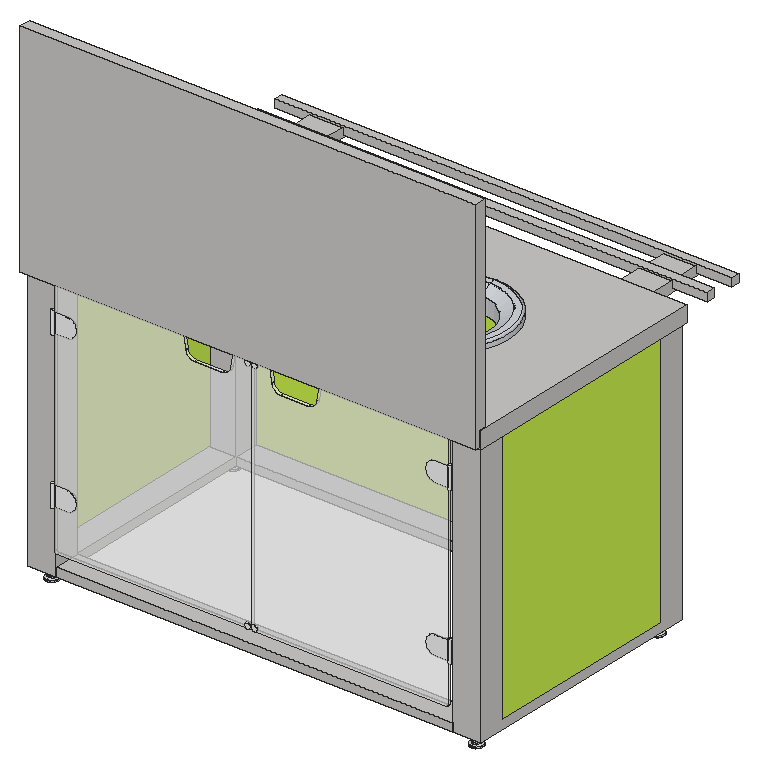
Revit family "QF_BOURGEAT_HARMONIE_2TVO_Modèles_hauteur_rabaisée_primaire", category Equipement spécialisé, Revit 2015
Parameters (values of type "Modèle sur pieds - portes arrière")
  Vert = Vert
  URL catalogue = "http://www.bourgeat.fr"
  Type article = ""
  Spécification du Fabricant = "Table de tri harmonie"
  Sans rampe sup [instance] = not([Rampe des 2 cotés (REF 858232)])  # yes
  Roulettes = no
  Rampe des 2 cotés (REF 858232) [instance] = no
  Profondeur hors tout = 761 mm
  Portes avant = no
  Portes arrière = yes
  Poids net à vide = 55.00 kg
  Pieds = yes
  Panneau avant = yes
  Panneau arrière = no
  Longueur hors tout = 1061 mm
  Inox = Acier inoxydable, poli
  URL = ""
  Modèle = "859212"
  Hauteur porte = 563 mm
  Hauteur plan de travail = 680 mm
  Hauteur hors tout = 1007 mm
  Fabricant = "BOURGEAT"
  Décalage du sol = 27 mm
  Description = ""
  Contact SAV = "0033(0)4.76.32.14.44"
  Type Comments = ""
Types (3, lengths in mm): name | Portes avant | Portes arrière | Panneau avant | Panneau arrière | Modèle
  Modèle sur pieds - sans portes | no | no | no | yes | "859202"
  Modèle sur pieds - portes arrière | no | yes | yes | no | "859212"
  Modèle sur pieds - portes avant | yes | no | no | yes | "859222"
Reference planes
  plane 1 "Centre (avant/arrière)": y = 0
  plane 2: z = 0
  plane 3 "Centre (gauche/droite)": x = 0
  plane 4: y = 760.8
  plane 5 "plan de tavail": z = 680
  plane 6: x = -1061
  plane 7: y = 12.163
  plane 8: y = 610.8
  plane 9: y = 310.8
  plane 10: x = -748
  plane 11: x = -313
  plane 12: x = -530.5
  plane 13: y = 399.3
  plane 14: y = 222.3
  plane 15: z = 1156.6
  plane 16: z = 27
  plane 17: z = 47
  plane 18: x = -37.607
  plane 19: y = 49.657
  plane 20: z = 79.5
  plane 21: z = 1163.8
  plane 22: y = -139.2
Forms (mm)
  Extrusion 1, solid, material "Acier inoxydable, poli" <- "Inox"
    sketch origin (0, 0, 680) x (0, 1, 0) y (-1, 0, 0)
      loop
        line (610.8, 1061) -> (12.163, 1061) -> (12.163, 0) -> (610.8, 0) -> (610.8, 1061)
      loop
        circle (310.8, 748) r 134
      loop
        circle (310.8, 313) r 134
    from 0 to -37.5
  Revolve 2, solid
    sketch origin (-313, 0, 0) x (0, 1, 0) y (0, 0, 1)
      loop
        line (404.3, 642.5) -> (444.8, 642.5) -> (444.8, 665.058) -> (449.8, 665.058) -> (449.8, 690)
        arc (449.8, 690) -> (448.336, 693.536) -> (444.8, 695) r 5
        line (444.8, 695) -> (430.281, 695) -> (404.3, 680) -> (404.3, 642.5)
      axis (310.8, 695) -> (310.8, 642.5)
    angle from 0 to 360
  Revolve 3, solid
    sketch origin (-748, 0, 0) x (0, 1, 0) y (0, 0, -1)
      loop
        line (404.3, -642.5) -> (404.3, -680) -> (430.281, -695) -> (444.8, -695)
        arc (444.8, -695) -> (448.336, -693.536) -> (449.8, -690) r 5
        line (449.8, -690) -> (449.8, -665.058) -> (444.8, -665.058) -> (444.8, -642.5) -> (404.3, -642.5)
      axis (310.8, -695) -> (310.8, -642.5)
    angle from 0 to 360
  Extrusion 4, solid, material "Acier inoxydable, poli" <- "Inox"
    sketch origin (0, 0, 0) x (0, 1, 0) y (0, 0, 1)
      loop
        line (760.8, 660) -> (760.8, 680) -> (740.8, 680) -> (740.8, 660) -> (760.8, 660)
      loop
        line (690.75, 660) -> (690.75, 680) -> (670.75, 680) -> (670.75, 660) -> (690.75, 660)
    from -1060 to 0
  Extrusion 5, solid, material "Acier inoxydable, poli" <- "Inox"
    sketch origin (0, 0, 0) x (0, 1, 0) y (0, 0, 1)
      loop
        line (602.75, 642.5) -> (541.136, 642.5) -> (541.136, 47) -> (80.464, 47) -> (80.464, 642.5) -> (18.85, 642.5) -> (18.85, 27) -> (602.75, 27) -> (602.75, 642.5)
    from -69.914 to -5.3
  Extrusion 6, solid, material "Vert" <- "Vert"
    sketch origin (-5.3, 0, 0) x (0, 1, 0) y (0, 0, 1)
      loop
        line (541.136, 47) -> (541.136, 635.3) -> (80.464, 635.3) -> (80.464, 47) -> (541.136, 47)
    from -1 to -3
  Extrusion 7, solid, material "Acier inoxydable, poli" <- "Inox"
    sketch origin (-1061, 0, 0) x (0, 1, 0) y (0, 0, -1)
      loop
        line (602.75, -642.5) -> (602.75, -27) -> (18.85, -27) -> (18.85, -642.5) -> (80.464, -642.5) -> (80.464, -47) -> (541.136, -47) -> (541.136, -642.5) -> (602.75, -642.5)
    from -69.914 to -5.3
  Extrusion 8, solid, material "Vert" <- "Vert"
    sketch origin (-1055.7, 0, 0) x (0, 1, 0) y (0, 0, -1)
      loop
        line (541.136, -47) -> (80.464, -47) -> (80.464, -635.3) -> (541.136, -635.3) -> (541.136, -47)
    from -1 to -3
  Extrusion 9, solid, material "Vert" <- "Vert", visible <- "Panneau arrière"
    sketch origin (-1061, 18.85, 27) x (0, 0, 1) y (-1, 0, 0)
      loop
        line (20, -69.914) -> (20, -989.086) -> (608.3, -989.086) -> (608.3, -69.914) -> (20, -69.914)
    from -3 to -1
  Extrusion 10, solid, material "Acier inoxydable, poli" <- "Inox"
    sketch origin (0, 0, 0) x (0, 1, 0) y (0, 0, 1)
      loop
        line (610.8, 646) -> (635.8, 646) -> (715.8, 653) -> (752.3, 653)
        arc (752.3, 653) -> (754.775, 654.025) -> (755.8, 656.5) r 3.5
        line (755.8, 656.5) -> (755.8, 675) -> (610.8, 675) -> (610.8, 646)
    from -156.964 to -83.036
  Extrusion 11, solid, material "Acier inoxydable, poli" <- "Inox"
    sketch origin (-700, 0, 0) x (0, 1, 0) y (0, 0, 1)
      loop
        line (610.8, 646) -> (635.8, 646) -> (715.8, 653) -> (752.3, 653)
        arc (752.3, 653) -> (754.775, 654.025) -> (755.8, 656.5) r 3.5
        line (755.8, 656.5) -> (755.8, 675) -> (610.8, 675) -> (610.8, 646)
    from -278.5 to -203.5
  Revolve 12, solid, visible <- "Pieds"
    sketch origin (-37.45, -1524, 484.688) x (0, 0, 1) y (0, -1, 0)
      loop
        line (-457.188, -1559.5) -> (-460.688, -1559.5) -> (-462.188, -1561) -> (-462.188, -1563.65) -> (-472.188, -1563.65) -> (-472.188, -1564.5) -> (-478.188, -1564.5) -> (-478.188, -1563.65) -> (-479.084, -1563.65)
        arc (-479.084, -1563.65) -> (-479.601, -1563.506) -> (-479.969, -1563.116) r 1
        line (-479.969, -1563.116) -> (-482.907, -1557.534)
        arc (-482.907, -1557.534) -> (-483.275, -1557.144) -> (-483.792, -1557) r 1
        line (-483.792, -1557) -> (-484.688, -1557) -> (-484.688, -1572) -> (-457.188, -1572) -> (-457.188, -1559.5)
      axis (-457.188, -1572) -> (-484.688, -1572)
    angle from 0 to 360
  Revolve 13, solid, visible <- "Pieds"
    sketch origin (-37.45, -998.275, 484.688) x (0, 0, 1) y (0, -1, 0)
      loop
        line (-457.188, -1559.5) -> (-460.688, -1559.5) -> (-462.188, -1561) -> (-462.188, -1563.65) -> (-472.188, -1563.65) -> (-472.188, -1564.5) -> (-478.188, -1564.5) -> (-478.188, -1563.65) -> (-479.084, -1563.65)
        arc (-479.084, -1563.65) -> (-479.601, -1563.506) -> (-479.969, -1563.116) r 1
        line (-479.969, -1563.116) -> (-482.907, -1557.534)
        arc (-482.907, -1557.534) -> (-483.275, -1557.144) -> (-483.792, -1557) r 1
        line (-483.792, -1557) -> (-484.688, -1557) -> (-484.688, -1572) -> (-457.188, -1572) -> (-457.188, -1559.5)
      axis (-457.188, -1572) -> (-484.688, -1572)
    angle from 0 to 360
  Revolve 14, solid, visible <- "Pieds"
    sketch origin (-1023.55, -1524, 484.688) x (0, 0, 1) y (0, 1, 0)
      loop
        line (-457.188, 1559.5) -> (-457.188, 1572) -> (-484.688, 1572) -> (-484.688, 1557) -> (-483.792, 1557)
        arc (-483.792, 1557) -> (-483.275, 1557.144) -> (-482.907, 1557.534) r 1
        line (-482.907, 1557.534) -> (-479.969, 1563.116)
        arc (-479.969, 1563.116) -> (-479.601, 1563.506) -> (-479.084, 1563.65) r 1
        line (-479.084, 1563.65) -> (-478.188, 1563.65) -> (-478.188, 1564.5) -> (-472.188, 1564.5) -> (-472.188, 1563.65) -> (-462.188, 1563.65) -> (-462.188, 1561) -> (-460.688, 1559.5) -> (-457.188, 1559.5)
      axis (-457.188, 1572) -> (-484.688, 1572)
    angle from 0 to 360
  Revolve 15, solid, visible <- "Pieds"
    sketch origin (-1023.55, -998.275, 484.688) x (0, 0, 1) y (0, 1, 0)
      loop
        line (-457.188, 1559.5) -> (-457.188, 1572) -> (-484.688, 1572) -> (-484.688, 1557) -> (-483.792, 1557)
        arc (-483.792, 1557) -> (-483.275, 1557.144) -> (-482.907, 1557.534) r 1
        line (-482.907, 1557.534) -> (-479.969, 1563.116)
        arc (-479.969, 1563.116) -> (-479.601, 1563.506) -> (-479.084, 1563.65) r 1
        line (-479.084, 1563.65) -> (-478.188, 1563.65) -> (-478.188, 1564.5) -> (-472.188, 1564.5) -> (-472.188, 1563.65) -> (-462.188, 1563.65) -> (-462.188, 1561) -> (-460.688, 1559.5) -> (-457.188, 1559.5)
      axis (-457.188, 1572) -> (-484.688, 1572)
    angle from 0 to 360
  Extrusion 16, solid, material "Acier inoxydable, poli" <- "Inox", visible <- "Sans rampe sup"
    sketch origin (0, 0, 0) x (0, 1, 0) y (0, 0, 1)
      loop
        line (27, 1156.6) -> (0, 1156.6) -> (0, 645.1) -> (9.8, 645.1) -> (9.8, 681.6) -> (27, 681.6) -> (27, 1156.6)
    from -1059 to -2
  Extrusion 17, solid, material "Acier inoxydable, poli" <- "Inox", visible <- "Panneau avant"
    sketch origin (-659.024, 1039.66, 0) x (1, 0, 0) y (0, 0, -1)
      loop
        line (-332.062, -27) -> (-332.062, -47) -> (589.11, -47) -> (589.11, -27) -> (-332.062, -27)
    from -498.525 to -436.91
  Extrusion 18, solid, material "Vert" <- "Vert", visible <- "Panneau avant"
    sketch origin (-1061, 602.75, 27.5) x (0, 0, 1) y (1, 0, 0)
      loop
        line (-0.5, 69.914) -> (607.8, 69.914) -> (607.8, 989.086) -> (-0.5, 989.086) -> (-0.5, 69.914)
    from -3 to -1
  Extrusion 19, solid, material "Acier inoxydable, poli" <- "Inox", visible <- "Panneau avant"
    sketch origin (-659.024, -418.06, 0) x (1, 0, 0) y (0, 0, 1)
      loop
        line (-332.062, 27) -> (589.11, 27) -> (589.11, 47) -> (-332.062, 47) -> (-332.062, 27)
    from -498.525 to -436.91
  Extrusion 20, solid, material "Acier inoxydable, poli" <- "Inox", visible <- "Rampe des 2 cotés (REF 858232)"
    sketch origin (0, 621.6, 0) x (0, -1, 0) y (0, 0, -1)
      loop
        line (760.8, -660) -> (740.8, -660) -> (740.8, -680) -> (760.8, -680) -> (760.8, -660)
      loop
        line (690.75, -660) -> (670.75, -660) -> (670.75, -680) -> (690.75, -680) -> (690.75, -660)
    from -1060 to 0
  Extrusion 21, solid, material "Acier inoxydable, poli" <- "Inox", visible <- "Rampe des 2 cotés (REF 858232)"
    sketch origin (0, 621.6, 0) x (0, -1, 0) y (0, 0, -1)
      loop
        line (610.8, -646) -> (610.8, -675) -> (755.8, -675) -> (755.8, -656.5)
        arc (755.8, -656.5) -> (754.775, -654.025) -> (752.3, -653) r 3.5
        line (752.3, -653) -> (715.8, -653) -> (635.8, -646) -> (610.8, -646)
    from -156.964 to -83.036
  Extrusion 22, solid, material "Acier inoxydable, poli" <- "Inox", visible <- "Rampe des 2 cotés (REF 858232)"
    sketch origin (-700, 621.6, 0) x (0, -1, 0) y (0, 0, -1)
      loop
        line (610.8, -646) -> (610.8, -675) -> (755.8, -675) -> (755.8, -656.5)
        arc (755.8, -656.5) -> (754.775, -654.025) -> (752.3, -653) r 3.5
        line (752.3, -653) -> (715.8, -653) -> (635.8, -646) -> (610.8, -646)
    from -278.5 to -203.5
Cuts and joins
  joined: Extrusion 4, Extrusion 10, Extrusion 11
Lines and regions (mm)
  symbolic lines, style "SpecialityEquipmentHiddenLines", visible <- "Portes avant"
    curve 1: line (-987.5, 611.75, 680) -> (-987.5, 1067.742, 680)
    curve 2: arc (-530.5, 610.75, 680) -> (-664.353, 933.895, 680) -> (-987.5, 1067.742, 680) r 456.992
    curve 3: line (-73.5, 611.75, 680) -> (-73.5, 1067.742, 680)
    curve 4: arc (-530.5, 610.75, 680) -> (-396.647, 933.895, 680) -> (-73.5, 1067.742, 680) r 456.992
  symbolic lines, style "SpecialityEquipmentHiddenLines", visible <- "Portes arrière"
    curve 5: line (-987.5, 9.85, 680) -> (-987.5, -446.142, 680)
    curve 6: arc (-530.5, 10.85, 680) -> (-664.353, -312.295, 680) -> (-987.5, -446.142, 680) r 456.992
    curve 7: line (-73.5, 9.85, 680) -> (-73.5, -446.142, 680)
    curve 8: arc (-530.5, 10.85, 680) -> (-396.647, -312.295, 680) -> (-73.5, -446.142, 680) r 456.992
Dimensions and locks
  equal spacing: plane 6, plane 12, plane 3 "Centre (gauche/droite)"
  "Hauteur plan de travail": plane 5 "plan de tavail" to level
  "Décalage du sol": plane 16 to plane 2
  locked: plane 17 to plane 16 at 20
  aligned and locked: level to plane 2
  aligned and locked: Extrusion 16 to plane 15
  aligned and locked: plane 16 to Extrusion 18
  aligned and locked: plane 16 to Extrusion 17
  aligned and locked: Extrusion 17 to Extrusion 5
  aligned and locked: plane 17 to Extrusion 17 sketch curve
  aligned and locked: plane 17 to Extrusion 5 sketch curve
  aligned and locked: plane 16 to Extrusion 5 sketch curve
  aligned and locked: plane 17 to Extrusion 7 sketch curve
  aligned and locked: plane 16 to Extrusion 7 sketch curve
  aligned and locked: nested 1 to plane 20
  aligned and locked: nested 3 to plane 20
  aligned and locked: plane 20 to nested 2
  aligned and locked: plane 20 to nested 4
Automatic sketch dimensions
  Extrusion 1 sketch curve to plane 3 "Centre (gauche/droite)" = 0 mm
  plane 7 to Extrusion 1 sketch curve = 0 mm
  Extrusion 1 sketch curve to plane 9 = 0 mm  (x2)
  Extrusion 1 sketch curve to plane 6 = 0 mm
  plane 8 to Extrusion 1 sketch curve = 0 mm
  Extrusion 1 sketch curve to plane 11 = 0 mm
  Extrusion 1 sketch curve to plane 10 = 0 mm
  Revolve 2 sketch curve to plane 9 = 0 mm
  Revolve 2 sketch curve to plane 5 "plan de tavail" = 0 mm
  Revolve 2 sketch curve to plane 13 = 5 mm
  Revolve 2 sketch curve to Revolve 2 sketch curve = 25.981 mm
  plane 5 "plan de tavail" to Revolve 2 sketch curve = 10 mm
  Revolve 2 sketch curve to Revolve 2 sketch curve = 14.519 mm
  Revolve 2 sketch curve to Revolve 2 sketch curve = 40.5 mm
  Revolve 2 sketch curve to Revolve 2 sketch curve = 5 mm
  Revolve 2 sketch curve to plane 5 "plan de tavail" = 14.942 mm
  Revolve 2 sketch curve to Revolve 2 sketch curve = 37.5 mm
  Revolve 2 sketch curve to plane 5 "plan de tavail" = 75 mm
  plane 5 "plan de tavail" to Revolve 2 sketch curve = 125 mm
  curve 6 to plane 12 = 0 mm
  curve 8 to plane 12 = 0 mm
  curve 4 to plane 12 = 0 mm
  curve 2 to plane 12 = 0 mm
  plane 18 to curve 7 = 35.893 mm
  curve 7 to plane 22 = 306.942 mm
  curve 5 to plane 6 = 73.5 mm
  curve 5 to plane 22 = 306.942 mm
  plane 7 to curve 6 = 1.313 mm
  plane 7 to curve 8 = 1.313 mm
  plane 8 to curve 4 = 0.05 mm
  plane 8 to curve 2 = 0.05 mm
  plane 18 to curve 3 = 35.893 mm
  curve 3 to plane 4 = 306.942 mm
  curve 1 to plane 6 = 73.5 mm
  curve 1 to plane 4 = 306.942 mm
  curve 7 to curve 8 = 1 mm
  curve 5 to curve 6 = 1 mm
  curve 1 to plane 8 = 0.95 mm
  curve 3 to plane 8 = 0.95 mm
  Revolve 3 sketch curve to plane 9 = 0 mm
  Revolve 3 sketch curve to plane 5 "plan de tavail" = 0 mm
  Revolve 3 sketch curve to plane 13 = 5 mm
  Revolve 3 sketch curve to Revolve 3 sketch curve = 25.981 mm
  plane 5 "plan de tavail" to Revolve 3 sketch curve = 10 mm
  Revolve 3 sketch curve to Revolve 3 sketch curve = 14.519 mm
  Revolve 3 sketch curve to Revolve 3 sketch curve = 40.5 mm
  Revolve 3 sketch curve to Revolve 3 sketch curve = 5 mm
  Revolve 3 sketch curve to plane 5 "plan de tavail" = 14.942 mm
  Revolve 3 sketch curve to Revolve 3 sketch curve = 37.5 mm
  plane 5 "plan de tavail" to Revolve 3 sketch curve = 125 mm
  Revolve 3 sketch curve to plane 5 "plan de tavail" = 75 mm
  Extrusion 4 sketch curve to plane 5 "plan de tavail" = 0 mm  (x2)
  Extrusion 4 sketch curve to plane 4 = 0 mm
  plane 4 to Extrusion 4 sketch curve = 20 mm
  Extrusion 4 sketch curve to plane 5 "plan de tavail" = 20 mm
  Extrusion 4 sketch curve to Extrusion 4 sketch curve = 50.05 mm
  Extrusion 4 sketch curve to Extrusion 4 sketch curve = 20 mm  (x2)
  Extrusion 5 sketch curve to plane 7 = 6.687 mm
  plane 19 to Extrusion 5 sketch curve = 30.807 mm
  plane 8 to Extrusion 5 sketch curve = 69.664 mm
  plane 8 to Extrusion 5 sketch curve = 8.05 mm
  Extrusion 5 sketch curve to plane 5 "plan de tavail" = 37.5 mm  (x2)
  Extrusion 6 sketch curve to Extrusion 5 = 0 mm  (x3)
  Extrusion 6 sketch curve to Extrusion 5 = 7.2 mm
  Extrusion 7 sketch curve to plane 7 = 6.687 mm
  plane 19 to Extrusion 7 sketch curve = 30.807 mm
  plane 8 to Extrusion 7 sketch curve = 69.664 mm
  plane 8 to Extrusion 7 sketch curve = 8.05 mm
  Extrusion 7 sketch curve to plane 5 "plan de tavail" = 37.5 mm  (x2)
  Extrusion 8 sketch curve to Extrusion 7 = 0 mm  (x3)
  Extrusion 8 sketch curve to Extrusion 7 = 7.2 mm
  Extrusion 7 to Extrusion 9 sketch curve = 0 mm
  Extrusion 9 sketch curve to Extrusion 7 = 20 mm
  Extrusion 7 to Extrusion 9 sketch curve = 7.2 mm
  Extrusion 9 sketch curve to Extrusion 7 = 919.172 mm
  Extrusion 10 sketch curve to plane 8 = 0 mm
  Extrusion 10 sketch curve to Extrusion 10 sketch curve = 25 mm
  Extrusion 10 sketch curve to plane 5 "plan de tavail" = 27 mm
  plane 4 to Extrusion 10 sketch curve = 45 mm
  plane 4 to Extrusion 10 sketch curve = 8.5 mm
  plane 4 to Extrusion 10 sketch curve = 5 mm
  Extrusion 10 sketch curve to plane 5 "plan de tavail" = 34 mm
  Extrusion 10 sketch curve to plane 5 "plan de tavail" = 5 mm
  Extrusion 11 sketch curve to plane 8 = 0 mm
  Extrusion 11 sketch curve to plane 8 = 25 mm
  Extrusion 11 sketch curve to plane 5 "plan de tavail" = 27 mm
  plane 4 to Extrusion 11 sketch curve = 45 mm
  plane 4 to Extrusion 11 sketch curve = 8.5 mm
  plane 4 to Extrusion 11 sketch curve = 5 mm
  Extrusion 11 sketch curve to plane 5 "plan de tavail" = 34 mm
  Extrusion 11 sketch curve to plane 5 "plan de tavail" = 5 mm
  Revolve 12 sketch curve to level = 0 mm
  level to Revolve 12 sketch curve = 0.896 mm
  Revolve 12 sketch curve to Revolve 12 sketch curve = 0.885 mm  (x2)
  level to Revolve 12 sketch curve = 4.719 mm
  Revolve 12 sketch curve to Revolve 12 sketch curve = 0.896 mm
  Revolve 12 sketch curve to Revolve 12 sketch curve = 6 mm
  plane 16 to Revolve 12 sketch curve = 4.5 mm
  Revolve 12 sketch curve to Revolve 12 sketch curve = 1.5 mm  (x2)
  Revolve 12 sketch curve to plane 16 = 0.5 mm
  Revolve 12 sketch curve to plane 19 = 1.657 mm  (x2)
  Revolve 12 sketch curve to plane 19 = 9.157 mm
  Revolve 12 sketch curve to Revolve 12 sketch curve = 0.85 mm  (x2)
  Revolve 12 sketch curve to Revolve 12 sketch curve = 0.534 mm
  Revolve 12 sketch curve to Revolve 12 sketch curve = 2.65 mm
  Revolve 12 sketch curve to Revolve 12 sketch curve = 5.116 mm
  Revolve 12 sketch curve to Revolve 12 sketch curve = 0.466 mm
  Revolve 12 sketch curve to level = 11 mm
  Revolve 12 sketch curve to plane 17 = 8 mm
  Revolve 13 sketch curve to level = 0 mm
  level to Revolve 13 sketch curve = 0.896 mm
  Revolve 13 sketch curve to Revolve 13 sketch curve = 0.885 mm  (x2)
  level to Revolve 13 sketch curve = 4.719 mm
  Revolve 13 sketch curve to Revolve 13 sketch curve = 0.896 mm
  Revolve 13 sketch curve to Revolve 13 sketch curve = 6 mm
  plane 16 to Revolve 13 sketch curve = 4.5 mm
  Revolve 13 sketch curve to Revolve 13 sketch curve = 1.5 mm  (x2)
  Revolve 13 sketch curve to plane 16 = 0.5 mm
  plane 8 to Revolve 13 sketch curve = 37.075 mm
  Revolve 13 sketch curve to Revolve 13 sketch curve = 7.5 mm
  Revolve 13 sketch curve to Revolve 13 sketch curve = 0.85 mm  (x2)
  Revolve 13 sketch curve to Revolve 13 sketch curve = 0.534 mm
  Revolve 13 sketch curve to Revolve 13 sketch curve = 2.65 mm
  Revolve 13 sketch curve to Revolve 13 sketch curve = 5.116 mm
  Revolve 13 sketch curve to Revolve 13 sketch curve = 0.466 mm
  Revolve 13 sketch curve to level = 11 mm
  Revolve 13 sketch curve to plane 17 = 8 mm
  Revolve 13 sketch curve to Revolve 13 sketch curve = 0 mm
  Revolve 14 sketch curve to level = 0 mm
  level to Revolve 14 sketch curve = 0.896 mm
  Revolve 14 sketch curve to Revolve 14 sketch curve = 0.885 mm  (x2)
  level to Revolve 14 sketch curve = 4.719 mm
  Revolve 14 sketch curve to Revolve 14 sketch curve = 0.896 mm
  Revolve 14 sketch curve to Revolve 14 sketch curve = 6 mm
  plane 16 to Revolve 14 sketch curve = 4.5 mm
  Revolve 14 sketch curve to Revolve 14 sketch curve = 1.5 mm  (x2)
  Revolve 14 sketch curve to plane 16 = 0.5 mm
  Revolve 14 sketch curve to plane 19 = 16.657 mm
  Revolve 14 sketch curve to Revolve 14 sketch curve = 0.534 mm
  Revolve 14 sketch curve to plane 19 = 14.157 mm
  Revolve 14 sketch curve to Revolve 14 sketch curve = 5.116 mm
  Revolve 14 sketch curve to Revolve 14 sketch curve = 0.466 mm
  Revolve 14 sketch curve to Revolve 14 sketch curve = 0 mm
  Revolve 14 sketch curve to Revolve 14 sketch curve = 0.85 mm
  Revolve 14 sketch curve to plane 19 = 1.657 mm  (x2)
  Revolve 14 sketch curve to level = 11 mm
  Revolve 14 sketch curve to plane 17 = 8 mm
  Revolve 15 sketch curve to level = 0 mm
  level to Revolve 15 sketch curve = 0.896 mm
  Revolve 15 sketch curve to Revolve 15 sketch curve = 0.885 mm  (x2)
  level to Revolve 15 sketch curve = 4.719 mm
  Revolve 15 sketch curve to Revolve 15 sketch curve = 0.896 mm
  Revolve 15 sketch curve to Revolve 15 sketch curve = 6 mm
  plane 16 to Revolve 15 sketch curve = 4.5 mm
  Revolve 15 sketch curve to Revolve 15 sketch curve = 1.5 mm  (x2)
  Revolve 15 sketch curve to plane 16 = 0.5 mm
  plane 8 to Revolve 15 sketch curve = 52.075 mm
  Revolve 15 sketch curve to Revolve 15 sketch curve = 0.534 mm
  Revolve 15 sketch curve to Revolve 15 sketch curve = 1.966 mm
  Revolve 15 sketch curve to Revolve 15 sketch curve = 5.116 mm
  Revolve 15 sketch curve to Revolve 15 sketch curve = 0.466 mm
  Revolve 15 sketch curve to Revolve 15 sketch curve = 0 mm  (x2)
  Revolve 15 sketch curve to Revolve 15 sketch curve = 0.85 mm
  Revolve 15 sketch curve to Revolve 15 sketch curve = 7.5 mm
  Revolve 15 sketch curve to level = 11 mm
  Revolve 15 sketch curve to plane 17 = 8 mm
  Extrusion 16 sketch curve to plane 1 "Centre (avant/arrière)" = 0 mm
  plane 15 to Extrusion 16 sketch curve = 0 mm
  plane 7 to Extrusion 16 sketch curve = 2.363 mm
  plane 5 "plan de tavail" to Extrusion 16 sketch curve = 1.6 mm
  Extrusion 16 sketch curve to plane 7 = 14.837 mm
  Extrusion 16 sketch curve to plane 5 "plan de tavail" = 34.9 mm
  Extrusion 17 sketch curve to plane 16 = 0 mm
  Extrusion 17 sketch curve to plane 6 = 69.914 mm
  plane 18 to Extrusion 17 sketch curve = 32.307 mm
  Extrusion 18 sketch curve to plane 16 = 0 mm
  Extrusion 18 sketch curve to plane 5 "plan de tavail" = 44.7 mm
  Extrusion 18 sketch curve to plane 6 = 69.914 mm
  plane 18 to Extrusion 18 sketch curve = 34.307 mm
  Extrusion 19 sketch curve to plane 17 = 0 mm
  Extrusion 19 sketch curve to plane 16 = 0 mm
  Extrusion 19 sketch curve to plane 6 = 69.914 mm
  plane 18 to Extrusion 19 sketch curve = 32.307 mm
  Extrusion 20 sketch curve to plane 5 "plan de tavail" = 0 mm  (x2)
  Extrusion 20 sketch curve to plane 22 = 0 mm
  Extrusion 20 sketch curve to Extrusion 20 sketch curve = 20 mm  (x3)
  plane 5 "plan de tavail" to Extrusion 20 sketch curve = 20 mm
  Extrusion 20 sketch curve to Extrusion 20 sketch curve = 50.05 mm
  plane 7 to Extrusion 21 sketch curve = 1.363 mm
  plane 1 "Centre (avant/arrière)" to Extrusion 21 sketch curve = 14.2 mm
  Extrusion 21 sketch curve to plane 5 "plan de tavail" = 27 mm
  plane 22 to Extrusion 21 sketch curve = 45 mm
  plane 22 to Extrusion 21 sketch curve = 8.5 mm
  plane 22 to Extrusion 21 sketch curve = 5 mm
  Extrusion 21 sketch curve to plane 5 "plan de tavail" = 5 mm
  Extrusion 21 sketch curve to plane 5 "plan de tavail" = 34 mm
  plane 7 to Extrusion 22 sketch curve = 1.363 mm
  plane 1 "Centre (avant/arrière)" to Extrusion 22 sketch curve = 14.2 mm
  Extrusion 22 sketch curve to plane 5 "plan de tavail" = 27 mm
  plane 22 to Extrusion 22 sketch curve = 45 mm
  plane 22 to Extrusion 22 sketch curve = 8.5 mm
  plane 22 to Extrusion 22 sketch curve = 5 mm
  Extrusion 22 sketch curve to plane 5 "plan de tavail" = 5 mm
  Extrusion 22 sketch curve to plane 5 "plan de tavail" = 34 mm
  radius of Extrusion 1 sketch curve = 134 mm  (x2)
Nested families
  nested 1: "Porte" at (-987.5, 18.85, -67.5), visible <- "Portes arrière", type "Porte"
    with Hauteur 563 mm
  nested 2: "Porte" at (-73.5, 18.85, -67.5) x (-1, 0, 0) z (0, 0, 1), visible <- "Portes arrière", type "Porte"
    with Hauteur 563 mm
  nested 3: "Porte" at (-987.5, 602.75, -67.5), visible <- "Portes avant", type "Porte"
    with Hauteur 563 mm
  nested 4: "Porte" at (-73.5, 602.75, -67.5) x (-1, 0, 0) z (0, 0, 1), visible <- "Portes avant", type "Porte"
    with Hauteur 563 mm
Definition of nested family "Porte"
  Parameters (values of type "Porte")
    Hauteur = 540 mm
  Reference planes
    plane 1 "Centre (avant/arrière)": y = 0
    plane 2: z = 0
    plane 3 "Centre (gauche/droite)": x = 0
    plane 4: z = 710
    plane 5: z = 170
    plane 6: z = 267.555
    plane 7: x = 457
  Forms (mm)
    Extrusion 1, solid
      sketch origin (0, 0, 0) x (1, 0, 0) y (0, 0, 1)
        loop
          line (291.28, 710) -> (5, 710)
          arc (5, 710) -> (1.464, 708.536) -> (0, 705) r 5
          line (0, 705) -> (0, 175)
          arc (0, 175) -> (1.464, 171.464) -> (5, 170) r 5
          line (5, 170) -> (452, 170)
          arc (452, 170) -> (455.536, 171.464) -> (457, 175) r 5
          line (457, 175) -> (457, 705)
          arc (457, 705) -> (455.536, 708.536) -> (452, 710) r 5
          line (452, 710) -> (422.72, 710)
          arc (422.72, 710) -> (416.159, 707.547) -> (412.817, 701.392) r 10
          line (412.817, 701.392) -> (409.42, 677.217)
          arc (409.42, 677.217) -> (402.735, 664.906) -> (389.614, 660) r 20
          line (389.614, 660) -> (324.386, 660)
          arc (324.386, 660) -> (311.265, 664.906) -> (304.58, 677.217) r 20
          line (304.58, 677.217) -> (301.183, 701.392)
          arc (301.183, 701.392) -> (297.841, 707.547) -> (291.28, 710) r 10
      from 0 to 8
    Extrusion 2, solid
      sketch origin (0, -8, 0) x (1, 0, 0) y (0, 0, 1)
        loop
          line (0, 650.5) -> (0, 605.5) -> (29, 605.5)
          arc (29, 605.5) -> (51.5, 628) -> (29, 650.5) r 22.5
          line (29, 650.5) -> (0, 650.5)
      from 0 to 1
    Extrusion 3, solid
      sketch origin (-3.742, 0, 0) x (1, 0, 0) y (0, 1, 0)
        loop
          circle (0, -8) r 3.75
      from 603 to 653.498
    Extrusion 4, solid
      sketch origin (0, -8, 0) x (1, 0, 0) y (0, 0, 1)
        loop
          circle (449, 702) r 6.5
      from 0 to 1
    Extrusion 5, solid
      sketch origin (0, -8, -694) x (1, 0, 0) y (0, 0, 1)
        loop
          circle (449, 872) r 6.5
      from 0 to 1
    Extrusion 6, solid
      sketch origin (0, -8, -337.945) x (1, 0, 0) y (0, 0, 1)
        loop
          line (0, 650.5) -> (0, 605.5) -> (29, 605.5)
          arc (29, 605.5) -> (51.5, 628) -> (29, 650.5) r 22.5
          line (29, 650.5) -> (0, 650.5)
      from 0 to 1
    Extrusion 7, solid
      sketch origin (-3.742, 0, -337.945) x (1, 0, 0) y (0, 1, 0)
        loop
          circle (0, -8) r 3.75
      from 603 to 653.498
    Extrusion 8, solid, not visible
      sketch origin (0, -8, -575) x (1, 0, 0) y (0, 0, 1)
        loop
          line (0, 650.5) -> (0, 605.5) -> (29, 605.5)
          arc (29, 605.5) -> (51.5, 628) -> (29, 650.5) r 22.5
          line (29, 650.5) -> (0, 650.5)
      from 0 to 1
    Extrusion 9, solid, not visible
      sketch origin (-3.742, 0, -575) x (1, 0, 0) y (0, 1, 0)
        loop
          circle (0, -8) r 3.75
      from 603 to 653.498
  Dimensions and locks
    locked: plane 4 to level at 710
    "Hauteur": plane 4 to plane 5
    plane 6 to plane 5 = 97.555 mm
    locked: plane 7 to plane 3 "Centre (gauche/droite)" at 457
    aligned and locked: level to plane 2
    aligned and locked: Extrusion 6 to plane 6
    aligned and locked: plane 7 to Extrusion 1 sketch curve
    aligned and locked: Extrusion 1 sketch curve to plane 5
  Automatic sketch dimensions
    Extrusion 2 sketch curve to plane 3 "Centre (gauche/droite)" = 0 mm
    plane 3 "Centre (gauche/droite)" to Extrusion 2 sketch curve = 29 mm
    Extrusion 2 sketch curve to plane 4 = 104.5 mm
    Extrusion 2 sketch curve to Extrusion 2 sketch curve = 22.5 mm
    Extrusion 3 sketch curve to plane 3 "Centre (gauche/droite)" = 3.742 mm
    plane 1 "Centre (avant/arrière)" to Extrusion 3 sketch curve = 8 mm
    Extrusion 4 sketch curve to Extrusion 1 = 8 mm  (x2)
    Extrusion 5 sketch curve to Extrusion 1 = 8 mm  (x2)
    Extrusion 6 sketch curve to Extrusion 6 sketch curve = 22.5 mm
    Extrusion 6 sketch curve to Extrusion 6 sketch curve = 29 mm
    Extrusion 8 sketch curve to Extrusion 8 sketch curve = 22.5 mm
    Extrusion 8 sketch curve to Extrusion 8 sketch curve = 29 mm
    Extrusion 1 sketch curve to plane 3 "Centre (gauche/droite)" = 0 mm
    Extrusion 1 sketch curve to plane 4 = 0 mm  (x2)
    plane 3 "Centre (gauche/droite)" to Extrusion 1 sketch curve = 5 mm  (x2)
    Extrusion 1 sketch curve to plane 4 = 10 mm
    Extrusion 1 sketch curve to plane 7 = 165.72 mm
    Extrusion 1 sketch curve to plane 4 = 8.608 mm  (x2)
    Extrusion 1 sketch curve to plane 4 = 32.783 mm
    Extrusion 1 sketch curve to Extrusion 1 sketch curve = 3.398 mm  (x2)
    Extrusion 1 sketch curve to Extrusion 1 sketch curve = 19.805 mm  (x2)
    Extrusion 1 sketch curve to plane 4 = 30 mm
    Extrusion 1 sketch curve to Extrusion 1 sketch curve = 65.229 mm
    Extrusion 1 sketch curve to Extrusion 1 sketch curve = 9.903 mm
    Extrusion 1 sketch curve to plane 7 = 5 mm  (x2)
    Extrusion 1 sketch curve to Extrusion 1 sketch curve = 20 mm
    radius of Extrusion 3 sketch curve = 3.75 mm
    radius of Extrusion 4 sketch curve = 6.5 mm
    radius of Extrusion 5 sketch curve = 6.5 mm
    radius of Extrusion 7 sketch curve = 3.75 mm
    radius of Extrusion 9 sketch curve = 3.75 mm
